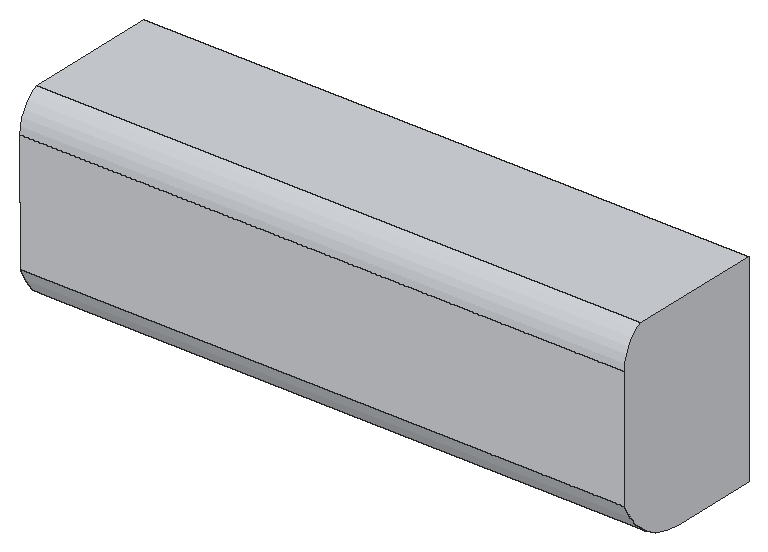
Revit family "Hitachi_RAS-E50_E60YHA_0718", category Mechanical Equipment, Revit 2015
Parameters (values of type "RAS-E50YHA")
  Width = 900 mm  # constant formula
  Weight (kg) = 11.5
  URL = "www.temperzone.biz"
  Pipe Length (min./max.) = "3m to 30m"
  Pipe Height (max.) = "20m"
  Pipe Connection Size - Gas = 12.7 mm  # 12.70 mm
  Pip Connection Size - Liquid = 6.4 mm  # 6.40 mm
  Model - Outdoor = "RAC-E50YHA"
  Model = "RAS-E50YHA"
  Manufacturer = "Hitachi"  # constant formula
  Height = 300 mm  # constant formula
  Heating Range (kW) = "1.2 kW to 6.8 kW"
  Heating Capacity = 6 kW
  Description = "Hitachi Wall Mounted 5.0kW Heatpump RAS-E50YHA"
  Depth = 230 mm  # constant formula
  Cooling Range (kW) = "1.2 kW to 5.8 kW"
  Cooling Capacity = 5 kW
Types (2, lengths in mm): name | Model - Outdoor | Model | Heating Range (kW) | Heating Capacity | Description | Cooling Range (kW) | Cooling Capacity
  RAS-E60YHA | "RAC-E60YHA" | "RAS-E60YHA" | "1.2 kW to 8.0 kW" | 7 kW | "Hitachi Wall Mounted 6.0kW Heatpump RAS-E60YHA" | "1.2 kW to 6.5 kW" | 6 kW
  RAS-E50YHA | "RAC-E50YHA" | "RAS-E50YHA" | "1.2 kW to 6.8 kW" | 6 kW | "Hitachi Wall Mounted 5.0kW Heatpump RAS-E50YHA" | "1.2 kW to 5.8 kW" | 5 kW
Reference planes
  plane 1 "Center (Front/Back)": y = 0
  plane 2: z = 0
  plane 3 "Center (Left/Right)": x = 0
  plane 4: x = -450
  plane 5: x = 450
  plane 6: z = 300
  plane 7: y = -230
Forms (mm)
  Extrusion 1, solid
    sketch origin (0, 0, 0) x (0, 1, 0) y (0, 0, 1)
      loop
        line (0, 300) -> (-200, 300)
        arc (-200, 300) -> (-222.234, 278.196) -> (-230, 248.038) r 58.047
        line (-230, 248.038) -> (-230, 68.038)
        arc (-230, 68.038) -> (-190.473, 17.846) -> (-129.129, 0) r 104.613
        line (-129.129, 0) -> (0, 0) -> (0, 300)
    from -450 to 450
Dimensions and locks
  equal spacing: plane 4, plane 3 "Center (Left/Right)", plane 5
  "Width": plane 4 to plane 5
  "Depth": plane 7 to plane 1 "Center (Front/Back)"
  "Height": plane 6 to plane 2
  aligned and locked: level to plane 2
  aligned and locked: plane 5 to Extrusion 1
  aligned and locked: Extrusion 1 to plane 4
Automatic sketch dimensions
  Extrusion 1 sketch curve to plane 7 = 0 mm
  Extrusion 1 sketch curve to plane 6 = 0 mm
  Extrusion 1 sketch curve to plane 1 "Center (Front/Back)" = 0 mm
  plane 7 to Extrusion 1 sketch curve = 30 mm
  plane 7 to Extrusion 1 sketch curve = 100.871 mm
  Extrusion 1 sketch curve to plane 6 = 50.828 mm
  Extrusion 1 sketch curve to Extrusion 1 sketch curve = 28.036 mm
  plane 7 to Extrusion 1 sketch curve = 98.026 mm
  Extrusion 1 sketch curve to level = 0 mm
  level to Extrusion 1 sketch curve = 68.038 mm
